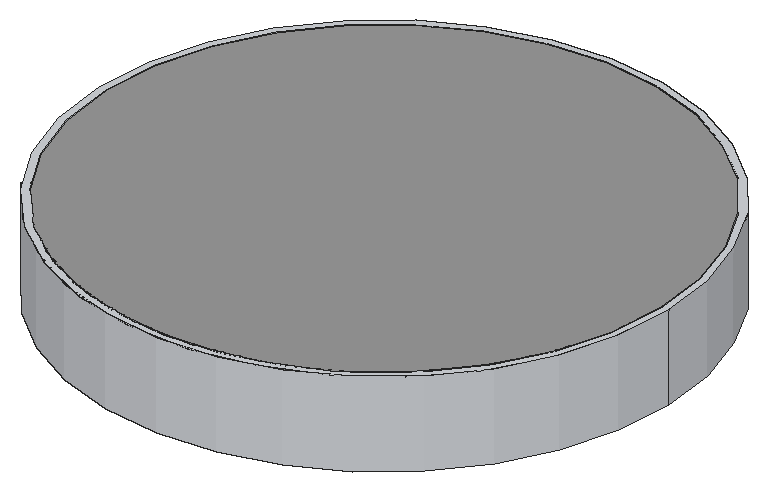
Revit family "2071115", category Lighting Fixtures, host Face, Revit 2018
Family settings
  Host = Face
  Round Connector Dimension = Use Diameter
  Part Type = Normal
  OmniClass Number = 23.80.70.00
  OmniClass Title = Lighting
  Cut with Voids When Loaded = No
  Light Source = Yes
  Shared = No
  Room Calculation Point = No
Parameters (values of type "2071115 COLOSSAL 400 840 OP DIR WHT SSC")
  iner diameter = 390 mm
  Weight = "n/a"
  Wattage Comments = ""
  Wattage = 30 W
  WarrantyStartDate [instance] = "n/a"
  WarrantyGuarantorParts = "n/a"
  WarrantyDurationUnit = "n/a"
  WarrantyDurationParts = ""
  WarrantyDescription = "http://www.sylvania-lighting.com"
  built-in parameter 1150110 = 1 (stored number, unit not read)
  Voltage = 230 V
  URL = "0.95"
  TypeName = "COLOSSAL 400mm 840 OPAL DIR WHITE SSC"
  Type Image = <None>
  Type Comments = "n/a"
  built-in parameter 1114217 = 1 (stored number, unit not read)
  Tilt Angle = -90.00°
  built-in parameter 1150109 = 1 (stored number, unit not read)
  built-in parameter 1150134 = (empty or 0)
  built-in parameter 1150113 = 1 (stored number, unit not read)
  SerialNumber [instance] = "n/a"
  Photometric Web File = "2071115.ies"
  Material_3_SYL = LED-Sylvania
  PowerFactor = 0
  PowerConsumption = "Lighting"
  NominalLength = 400 mm
  NominalHeight = 93 mm
  NominalDepth = 400 mm
  Name = "COLOSSAL 400mm 840 OPAL DIR WHITE SSC"
  ModelReference = Name  # "COLOSSAL 400mm 840 OPAL DIR WHITE SSC"
  ModelNumber = "2071115"
  Model = Name  # "COLOSSAL 400mm 840 OPAL DIR WHITE SSC"
  Material = "Feilo Sylvania"
  ManufacturerName = "126 lm/W"
  Manufacturer = ""
  LuminousEfficacy = ""
  built-in parameter 1150105 = 270.44 (stored number, unit not read)
  Lumens = 3398.4 lm
  LuminaireType = "0"
  built-in parameter 1150115 = 1 (stored number, unit not read)
  LightOutputRatio = "LED"
  built-in parameter 1150137 = (empty or 0)
  built-in parameter 1150139 = (empty or 0)
  LampsType = Lamp  # "n/a"
  LampNominalLuminous = "4000 K"
  LampMacAdamStep = "80"
  LampColourTemperature = "LED"
  LampColourRenderingIndex = "16500"
  built-in parameter 1150112 = 1 (stored number, unit not read)
  built-in parameter 1150114 = 1 (stored number, unit not read)
  Lamp = "n/a"
  Keynote = "n/a"
  InstallationDate [instance] = "n/a"
  InputVoltage = "0"
  InputNominalFrequency = "4000"
  built-in parameter 1150132 = (empty or 0)
  built-in parameter 1150102 = (empty or 0)
  built-in parameter 1150107 = 3000 (stored number, unit not read)
  built-in parameter 1150138 = (empty or 0)
  IngressProtection = "IfcLightFixtureType"
  ImpactProtectionIndex = "IfcLightFixtureType"
  built-in parameter 1150106 = 2.7044 (stored number, unit not read)
  IfcExportType = "IfcLightFixtureType"
  IfcExportAs = "Class I"
  Emit from Circle Diameter = 385 mm
  Emit Shape Visible in Rendering = no
  ElectricShockClassification = "126"
  built-in parameter 1150104 = 10.524 (stored number, unit not read)
  DocumentationLiterature = "http://www.sylvania-lighting.com/product/en-int/products/2071115"
  DimmingControlOptions = "n/a"
  Material_2_SYL = Polycarbonate_Sylvania_White
  Dimming Lamp Color Temperature Shift = <None>
  Description = "400mm diameter circular architectural luminaire, can be surface mounted or suspended. Powder coated aluminium housing (RAL9016) with polycarbonate opal diffuser. Direct light distribution, 2580lm luminuous flux, 20.5W system power, 126lm/W luminiaire efficacy. Sylsmart Standalone enabled. Colour rendering index Ra >80, 4000K Neutral White LED, chromaticity tolerance of 3-step MacAdam ellipse. IP40, IK03. 450mA drive current. Electrical protection Class1, 220-240V. Reported lifetime 66k hours L90B10."
  Default Elevation = 1219.2 mm
  CreatedOn = "22/03/2022"
  CreatedBy = "@sylvania-lighting.com"
  Cost = 0
  Color Filter = 16777215
  built-in parameter 1114216 [instance] = (empty or 0)
  ClassificationValue = "EF_70_80"
  ClassificationName = "Uniclass2015"
  Material_1_SYL = Polycarbonate_Sylvania_Opal
  BarCode [instance] = "n/a"
  built-in parameter 1114218 = 1 (stored number, unit not read)
  built-in parameter 1150133 = 10 (stored number, unit not read)
  AssetType = "Fixed"
  AssetIdentifier [instance] = "n/a"
  Assembly Code = "D5020200"
  Apparent Load = 20.5 VA
  Material_4_SYL = none
Reference planes
  plane 1 "Center (Front/Back)": y = 0
  plane 2: z = 0
  plane 3 "Center (Left/Right)": x = 0
  plane 4: x = -200
  plane 5: x = 200
  plane 6: y = 200
  plane 7: y = -200
  plane 8: y = 236
  plane 9: y = -236
  plane 10: z = 93
  plane 11: y = 195
  plane 12: y = -195
  plane 13: y = 90.5
  plane 14: y = 144.5
  plane 15: through (52.25, 90.5, 1219.2) normal (0.866, 0.5, 0)
  plane 16: through (52.25, 90.5, 1219.2) normal (0.866, 0.5, 0)
  plane 17: through (63.706, 126.657, 1219.2) normal (0.866, 0.5, 0)
  plane 18: through (-104.5, 0, 1219.2) normal (-0.866, 0.5, 0)
  plane 19: through (-142.394, -9.633, 1219.2) normal (-0.866, 0.5, 0)
  plane 20: y = -90.5
  plane 21: y = -118.5
  plane 22: through (85.371, -141.133, 1219.2) normal (-0.866, 0.5, 0)
  plane 23: through (52.25, -90.5, 1219.2) normal (-0.866, 0.5, 0)
  plane 24: through (-161.658, 0, 1219.2) normal (0.866, 0.5, 0)
  plane 25: through (-172.12, 9.121, 1219.2) normal (0.866, 0.5, 0)
  plane 26: through (-104.5, 0, 1219.2) normal (0.866, 0.5, 0)
Forms (mm)
  Extrusion 1, solid, detail levels medium+fine
    sketch origin (0, 0, 0) x (1, 0, 0) y (0, 1, 0)
      loop
        circle (0, 0) r 200
    from 33.023 to 93
  Extrusion 2, void
    sketch origin (0, 0, 0) x (1, 0, 0) y (0, 1, 0)
      loop
        circle (0, 0) r 195
    from 93 to 37.292
  Extrusion 3, solid, material "Glass, White, High Luminance", detail levels fine
    sketch origin (0, 0, 0) x (1, 0, 0) y (0, 1, 0)
      loop
        circle (0, 0) r 195
    from 88.026 to 93
  Extrusion 4, solid, detail levels coarse
    sketch origin (0, 0, 0) x (1, 0, 0) y (0, 1, 0)
      loop
        line (-200, 200) -> (-200, -200) -> (200, -200) -> (200, 200) -> (-200, 200)
    from 0 to 93
  Blend 5, solid, detail levels medium+fine
    base sketch origin (0, 0, 0) x (1, 0, 0) y (0, 1, 0)
      loop
        line (-52.25, 90.5) -> (-104.5, 0) -> (-52.25, -90.5) -> (52.25, -90.5) -> (104.5, 0) -> (52.25, 90.5) -> (-52.25, 90.5)
    top sketch origin (0, 0, 0) x (1, 0, 0) y (0, 1, 0)
      loop
        line (-53.405, 144.5) -> (-149.245, -21.5) -> (-93.242, -118.5) -> (98.438, -118.5) -> (151.843, -26) -> (53.405, 144.5) -> (-53.405, 144.5)
    from 0 to 33.023
Cuts and joins
  Extrusion 2 cuts Extrusion 1
Dimensions and locks
  "NominalDepth": plane 6 to plane 7
  "NominalLength": plane 4 to plane 5
  equal spacing: plane 4, plane 3 "Center (Left/Right)", plane 5
  "iner diameter": plane 11 to plane 12
  equal spacing: plane 11, plane 1 "Center (Front/Back)", plane 12
  equal spacing: plane 6, plane 1 "Center (Front/Back)", plane 7
  "NominalHeight": plane 10 to level
  plane 19 to plane 18 = 28 mm
  radius of Extrusion 2 sketch curve = 195 mm
  aligned and locked: plane 2 to host face
  aligned and locked: level to host face
Automatic sketch dimensions
  host sketch curve to host sketch curve = 2438.4 mm  (x2)
  plane 1 "Center (Front/Back)" to Extrusion 1 sketch curve = 0 mm
  Extrusion 1 sketch curve to plane 3 "Center (Left/Right)" = 0 mm
  plane 1 "Center (Front/Back)" to Extrusion 2 sketch curve = 0 mm
  Extrusion 2 sketch curve to plane 3 "Center (Left/Right)" = 0 mm
  plane 1 "Center (Front/Back)" to Extrusion 3 sketch curve = 0 mm
  Extrusion 3 sketch curve to plane 3 "Center (Left/Right)" = 0 mm
  Extrusion 4 sketch curve to plane 4 = 0 mm
  Extrusion 4 sketch curve to plane 5 = 0 mm
  Extrusion 4 sketch curve to plane 7 = 0 mm
  Extrusion 4 sketch curve to plane 6 = 0 mm
  Blend 5 sketch curve to plane 19 = 0 mm  (x2)
  Blend 5 sketch curve to plane 24 = 0 mm  (x2)
  Blend 5 sketch curve to plane 21 = 0 mm
  Blend 5 sketch curve to plane 14 = 0 mm
  Blend 5 sketch curve to plane 17 = 0 mm  (x2)
  Blend 5 sketch curve to plane 22 = 0 mm  (x2)
  radius of Extrusion 1 sketch curve = 200 mm
  radius of Extrusion 3 sketch curve = 195 mm
Connectors
  electrical at (0, 0, 0), driven by "Apparent Load", driven by "PowerFactor", driven by "Voltage"
    settings: index 1, voltage 230 V, apparent load 20.5 VA, apparent load phase1 0 VA, apparent load phase2 0 VA, apparent load phase3 0 VA, power factor 0, load classification "Lighting", number of poles 1, system type 30, power factor state 1, is connector primary yes, connector utility no, sub classification motor no, connector description ""
